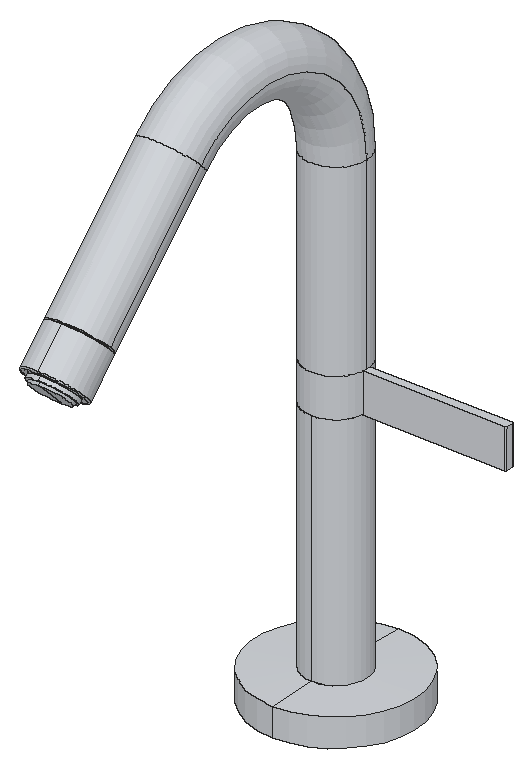
Revit family "Faucet-Lavatory-KOHLER-STILLNESS-K-979IN_1", category Plumbing Fixtures, host Face, Revit 2017
Family settings
  Host = Face
  Round Connector Dimension = Use Diameter
  Part Type = Normal
  OmniClass Number = 23.31.11.00
  OmniClass Title = Faucets
  Cut with Voids When Loaded = No
  Shared = No
  Room Calculation Point = No
Parameters (values of type "CP-Polished Chrome")
  Width = 2.32283"  # constant formula
  WaterSense Certified = 1 = 0  # no
  Waste Water Outlet = "Waste Water Outlet"  # constant formula
  Waste Connection = 1 = 0  # no
  Vent Connection = 1 = 0  # no
  URL = "https://www.kohler.co.in/"
  Type = 1
  Spout Reach = 5.19685"  # constant formula
  Product Page URL = ""
  Product Name = "K-979IN-4-CP"  # constant formula
  Product Documentation Link = ""
  Pressure = 0.00 psi
  Model = "STILLNESS"  # constant formula
  Material = "Brass Construction"  # constant formula
  Master Format 2014 Name = "Residential Faucets, Supplies, and Trim"  # constant formula
  Master Format 2014 = "22 41 39"  # constant formula
  Manufacturer Address = " Ambience Office Tower NH-8 Gurgaon / Gurugram Haryana , 122001"  # constant formula
  Manufacturer = "KOHLER Co."  # constant formula
  Length = Spout Reach  # 5.19685"
  Hot Water Inlet = "Hot Water Inlet"  # constant formula
  Height = 9.56693"  # constant formula
  Handle Clearance = 2.55906"  # constant formula
  HW Connection = 1 = 1  # yes
  Flow Rate = 0 GPM
  Finish = Kohler-Metal-CP-Polished_Chrome
  Environmental Product Declaration = ""
  Drain Included = 1 = 1  # yes
  Description = "Single Control Lavatory"  # constant formula
  Default Elevation = 36"
  Declare Label = ""
  Date Modified = "08/07/2020"  # constant formula
  Date Created = "08/07/2020"  # constant formula
  Copyright = "Copyright KOHLER Co."  # constant formula
  Contact Us = "https://www.kohler.co.in/contact-us"
  Cold Water Inlet = "Cold Water Inlet"  # constant formula
  CW Connection = 1 = 1  # yes
  Assembly Code = "D2010"
  ADA Compliant = 1 = 0  # no
Reference planes (in)
  plane 1 "Center (Front/Back)": y = 0
  plane 2: z = 0
  plane 3 "Center (Left/Right)": x = 0
  plane 4: y = 1.16142
  plane 5: y = 0.45276
  plane 6: y = -0.45276
  plane 7: y = -1.16142
  plane 8: y = -5.19685
  plane 9: x = 0.45276
  plane 10: x = -1.16142
  plane 11: x = -0.45276
  plane 12: x = 2.55906
  plane 13: x = 1.16142
  plane 14: z = 6.37795
  plane 15: z = 9.56693
  plane 16: z = 3.93701
  plane 17: z = 4.51181
  plane 18: x = -0.62755
  plane 19: x = 0.62755
  plane 20: z = 0.43038
Dimensions and locks (in)
  "Width": plane 10 to plane 13
  "Handle Clearance": plane 3 "Center (Left/Right)" to plane 12
  "Spout Reach": plane 8 to plane 1 "Center (Front/Back)"
  "Height": plane 15 to level
  plane 14 to level = 6.37795"
  plane 16 to level = 3.93701"
  aligned and locked: plane 2 to host face
  aligned and locked: level to host face
Automatic sketch dimensions
  host sketch curve to host sketch curve = 96"  (x2)
Nested families (in)
  nested 1: "K-979IN" at (0, 0, 0), type "K-979IN"
Connectors (in)
  piping at (-0.62755, 0, 0), diameter 0.5, driven by "HW Connection", driven by "Hot Water Inlet"
    settings: on nested 1, index 1, connector inside diameter 24", connector length 0", flow factor 0, pipe flow 0 GPM, pressure drop 0.00 psi, fitting loss kfactor 0, connector angle 0.00°, fixture units 0, engagement length 0", angle of deflection 0.00°, flow configuration 0, flow direction 1, fitting loss method 0, system type 19, joint type 0, gender type 0, connector reference index -1, connector utility 1, adjustable connector no, is connector primary yes, connector description "Hot Water Inlet"
  piping at (0.62755, 0, 0), diameter 0.5, driven by "CW Connection", driven by "Cold Water Inlet"
    settings: on nested 1, index 2, connector inside diameter 24", connector length 0", flow factor 0, pipe flow 0 GPM, pressure drop 0.00 psi, fitting loss kfactor 0, connector angle 0.00°, fixture units 0, engagement length 0", angle of deflection 0.00°, flow configuration 0, flow direction 1, fitting loss method 0, system type 20, joint type 0, gender type 0, connector reference index -1, connector utility 1, adjustable connector no, is connector primary no, connector description "Cold Water Inlet"
Definition of nested family "K-979IN"
  Parameters (values of type "K-979IN")
    Material = none
  Reference planes (in)
    plane 1 "Center (Front/Back)": y = 0
    plane 2: z = 0
    plane 3 "Center (Left/Right)": x = 0
    plane 4: y = 1.16142
    plane 5: y = -1.16142
    plane 6: z = 3.93701
    plane 7: z = 6.37795
    plane 8: y = -5.19685
    plane 9: z = 9.56693
    plane 10: x = 2.55906
    plane 11: x = -1.16142
    plane 12: x = 1.16142
    plane 13: y = 0.45276
    plane 14: y = -0.45276
    plane 15: through (0, -3.0394, 8.5354) normal (0, -0.7071, 0.7071)
    plane 16: through (0, -3.35955, 8.85555) normal (0, -0.7071, 0.7071)
    plane 17: through (0, -2.71926, 8.21525) normal (0, -0.7071, 0.7071)
    plane 18: x = -0.45276
    plane 19: x = 0.45276
    plane 20: x = -0.62755
    plane 21: x = 0.62755
  Forms (in)
    Revolve 1, solid, material <- "Material", detail levels medium+fine
      sketch origin (0, 0, 0) x (0, 1, 0) y (0, 0, 1)
        loop
          line (0, 0) -> (1.16142, 0) -> (1.16142, 0.41327)
          arc (1.16142, 0.41327) -> (0.80715, 0.42563) -> (0.45276, 0.43354) r 28.21799
          line (0.45276, 0.43354) -> (0.45276, 3.93701) -> (0.25591, 3.93701) -> (0.25591, 4.51181) -> (0, 4.51181) -> (0, 0)
        axis (0, 4.51181) -> (0, 0)
      angle from 0 to 360
    Extrusion 2, solid, material <- "Material", detail levels medium+fine
      sketch origin (0, 0, 0) x (1, 0, 0) y (0, 1, 0)
        loop
          arc (0.44748, 0.0689) -> (-0.45276, 0) -> (0.44748, -0.0689) r 0.45276
          line (0.44748, -0.0689) -> (2.53937, -0.0689)
          arc (2.53937, -0.0689) -> (2.55329, -0.06313) -> (2.55906, -0.04921) r 0.01969
          line (2.55906, -0.04921) -> (2.55906, 0.04921)
          arc (2.55906, 0.04921) -> (2.55329, 0.06313) -> (2.53937, 0.0689) r 0.01969
          line (2.53937, 0.0689) -> (0.44748, 0.0689)
        loop
          circle (0, 0) r 0.25591
      from 3.93701 to 4.51181
    Revolve 3, solid, material <- "Material", detail levels medium+fine
      sketch origin (0, 0, 0) x (0, 1, 0) y (0, 0, 1)
        loop
          line (-5.48563, 6.70163) -> (-5.42473, 6.64072) -> (-5.46969, 6.59576) -> (-5.44486, 6.57093) -> (-5.46063, 6.52762) -> (-5.25391, 6.3209) -> (-4.66387, 6.91093) -> (-4.95104, 7.19811) -> (-5.01636, 7.13279) -> (-5.04934, 7.16576) -> (-5.48563, 6.72946)
          arc (-5.48563, 6.72946) -> (-5.4914, 6.71555) -> (-5.48563, 6.70163) r 0.01969
        axis (-4.66387, 6.91093) -> (-5.25391, 6.3209)
      angle from 0 to 360
    Sweep 4, solid, material <- "Material", detail levels medium+fine
      path origin (0, 0, 0) x (0, 1, 0) y (0, 0, 1)
        loop
          line (-4.71527, 6.85953) -> (-3.04449, 8.53032)
          arc (-3.04449, 8.53032) -> (-1.10093, 8.91691) -> (0, 7.26925) r 1.78342
          line (0, 7.26925) -> (0, 4.51181)
      profile origin (0, 0, 5.89053) x (1, 0, 0) y (0, 1, 0)
        loop
          circle (0, 0) r 0.45276
    Extrusion 5, solid, material <- "Material", detail levels medium+fine
      sketch origin (0, 0, 0) x (1, 0, 0) y (0, 1, 0)
        loop
          circle (-0.62755, 0) r 0.25
        loop
          circle (0.62755, 0) r 0.25
      from 0 to 0.19922
    Revolve 6, solid, material <- "Material", detail levels coarse
      sketch origin (0, 0, 0) x (0, 1, 0) y (0, 0, 1)
        loop
          line (0, 0.43354) -> (0, 0) -> (1.16142, 0) -> (1.16142, 0.43354) -> (0, 0.43354)
        axis (0, 0.43354) -> (0, 0)
      angle from 0 to 360
    Sweep 7, solid, material <- "Material", detail levels coarse
      path origin (0, 0, 0) x (0, 1, 0) y (0, 0, 1)
        loop
          line (0, 0.25) -> (0, 7.34993)
          arc (0, 7.34993) -> (-1.0803, 8.96672) -> (-2.98744, 8.58737) r 1.75
          line (-2.98744, 8.58737) -> (-5.27413, 6.30067)
      profile origin (0, 0, 3.79996) x (0, -1, 0) y (1, 0, 0)
        loop
          circle (0, 0) r 0.5
    Extrusion 8, solid, material <- "Material", detail levels coarse
      sketch origin (0, 0, 0) x (1, 0, 0) y (0, 0, 1)
        loop
          line (2.55906, 4.51181) -> (0.45276, 4.51181) -> (0.45276, 3.93701) -> (2.55906, 3.93701) -> (2.55906, 4.51181)
      from -0.0689 to 0.0689
  Cuts and joins
    joined: Revolve 1, Sweep 4
    joined: Revolve 6, Sweep 7
  Lines and regions (in)
    Masking region 1
      outline origin (0, 0, 0) x (1, 0, 0) y (0, 1, 0)
        loop
          arc (0, 1.16142) -> (-1.13821, 0.23099) -> (-0.45276, -1.06953) r 1.16142
          line (-0.45276, -1.06953) -> (-0.45276, -5.19685)
          arc (-0.45276, -5.19685) -> (0, -5.49223) -> (0.45276, -5.19685) r 0.49468
          line (0.45276, -5.19685) -> (0.45276, -1.06953)
          arc (0.45276, -1.06953) -> (0.94871, -0.66995) -> (1.15937, -0.0689) r 1.16142
          line (1.15937, -0.0689) -> (2.53937, -0.0689)
          arc (2.53937, -0.0689) -> (2.55329, -0.06313) -> (2.55906, -0.04921) r 0.01969
          line (2.55906, -0.04921) -> (2.55906, 0.04921)
          arc (2.55906, 0.04921) -> (2.55329, 0.06313) -> (2.53937, 0.0689) r 0.01969
          line (2.53937, 0.0689) -> (1.15937, 0.0689)
          arc (1.15937, 0.0689) -> (0.79651, 0.84525) -> (0, 1.16142) r 1.16142
    Masking region 2
      outline origin (0, 0, 0) x (1, 0, 0) y (0, 0, 1)
        loop
          line (2.53783, 4.51181) -> (0.45276, 4.51181) -> (0.45276, 9.11476)
          arc (0.45276, 9.11476) -> (0, 9.56751) -> (-0.45276, 9.11476) r 0.45276
          line (-0.45276, 9.11476) -> (-0.45276, 0.43038)
          arc (-0.45276, 0.43038) -> (-0.80713, 0.4235) -> (-1.16142, 0.41275) r 32.4573
          line (-1.16142, 0.41275) -> (-1.16142, 0) -> (1.16142, 0) -> (1.16142, 0.41275)
          arc (1.16142, 0.41275) -> (0.80713, 0.4235) -> (0.45276, 0.43038) r 32.4573
          line (0.45276, 0.43038) -> (0.45276, 3.93701) -> (2.53768, 3.93701)
          arc (2.53768, 3.93701) -> (2.5528, 3.94327) -> (2.55906, 3.95838) r 0.02137
          line (2.55906, 3.95838) -> (2.55906, 4.49058)
          arc (2.55906, 4.49058) -> (2.55284, 4.50559) -> (2.53783, 4.51181) r 0.02123
    Masking region 3
      outline origin (0, 0, 0) x (0, 1, 0) y (0, 0, 1)
        loop
          line (-3.28921, 8.92589) -> (-5.03542, 7.17968) -> (-4.98256, 7.12683) -> (-5.01636, 7.13279) -> (-5.04934, 7.16576) -> (-5.48492, 6.73018)
          arc (-5.48492, 6.73018) -> (-5.49098, 6.71555) -> (-5.48492, 6.70091) r 0.0207
          line (-5.48492, 6.70091) -> (-5.42473, 6.64072) -> (-5.46969, 6.59576) -> (-5.44486, 6.57093) -> (-5.46063, 6.52762) -> (-5.04718, 6.11417) -> (-5.00387, 6.12994) -> (-4.97904, 6.10511) -> (-4.93408, 6.15007) -> (-4.87431, 6.09031)
          arc (-4.87431, 6.09031) -> (-4.85926, 6.08407) -> (-4.8442, 6.09031) r 0.02129
          line (-4.8442, 6.09031) -> (-4.40904, 6.52547) -> (-4.44201, 6.55844) -> (-4.44797, 6.59224) -> (-4.39512, 6.53939) -> (-2.64259, 8.29192)
          arc (-2.64259, 8.29192) -> (-1.24464, 8.56999) -> (-0.45276, 7.38486) r 1.28278
          line (-0.45276, 7.38486) -> (-0.45276, 0.43354)
          arc (-0.45276, 0.43354) -> (-0.80715, 0.42563) -> (-1.16142, 0.41327) r 28.23423
          line (-1.16142, 0.41327) -> (-1.16142, 0) -> (1.16142, 0) -> (1.16142, 0.41327)
          arc (1.16142, 0.41327) -> (0.80715, 0.42563) -> (0.45276, 0.43354) r 28.23423
          line (0.45276, 0.43354) -> (0.45276, 7.37592)
          arc (0.45276, 7.37592) -> (-0.9004, 9.40105) -> (-3.28921, 8.92589) r 2.19199
    symbolic lines, detail levels medium+fine
      curve 1: line (-0.4551, -1.06953, 0) -> (-0.4551, 0.02297, 0)
      curve 2: line (0.45276, -1.06953, 0) -> (0.45276, 0.02297, 0)
      curve 3: line (0.45276, -0.0689, 0) -> (1.15937, -0.0689, 0)
      curve 4: arc (-0.4551, 0.02297, 0) -> (-0.00176, 0.4763, 0) -> (0.45158, 0.02297, 0) r 0.45334
      curve 5: line (0.45276, 0, 3.93701) -> (-0.45276, 0, 3.93701)
      curve 6: line (0.45276, 0, 4.51181) -> (-0.45276, 0, 4.51181)
      curve 7: line (0.45276, 0, 4.51181) -> (0.45276, 0, 3.93701)
      curve 8: arc (-0.45276, 0, 0.43038) -> (-0.00002, 0, 0.43354) -> (0.45272, 0, 0.43038) r 32.45438
      curve 9: spline (0, 0, 6.10318) -> (-0.07567, 0, 6.11116) -> (-0.14617, 0, 6.13458) -> (-0.20672, 0, 6.17182) -> (-0.25318, 0, 6.22036) -> (-0.28239, 0, 6.27688) -> (-0.29235, 0, 6.33754) -> (-0.28239, 0, 6.3982) -> (-0.25318, 0, 6.45473) -> (-0.20672, 0, 6.50326) -> (-0.14617, 0, 6.54051) -> (-0.07567, 0, 6.56392) -> (0, 0, 6.57191)
      curve 10: spline (0, 0, 6.57191) -> (0.07971, 0, 6.56392) -> (0.15399, 0, 6.54051) -> (0.21778, 0, 6.50326) -> (0.26672, 0, 6.45473) -> (0.29749, 0, 6.3982) -> (0.30799, 0, 6.33754) -> (0.29749, 0, 6.27688) -> (0.26672, 0, 6.22036) -> (0.21778, 0, 6.17182) -> (0.15399, 0, 6.13458) -> (0.07971, 0, 6.11116) -> (0, 0, 6.10318)
      curve 11: spline (0, 0, 6.59576) -> (0.0898, 0, 6.5874) -> (0.17347, 0, 6.56289) -> (0.24532, 0, 6.52391) -> (0.30046, 0, 6.4731) -> (0.33512, 0, 6.41393) -> (0.34694, 0, 6.35043) -> (0.33512, 0, 6.28694) -> (0.30046, 0, 6.22777) -> (0.24532, 0, 6.17696) -> (0.17347, 0, 6.13798) -> (0.0898, 0, 6.11347) -> (0, 0, 6.10511)
      curve 12: spline (0, 0, 6.59576) -> (-0.0898, 0, 6.5874) -> (-0.17347, 0, 6.56289) -> (-0.24532, 0, 6.52391) -> (-0.30046, 0, 6.4731) -> (-0.33512, 0, 6.41393) -> (-0.34694, 0, 6.35043) -> (-0.33512, 0, 6.28694) -> (-0.30046, 0, 6.22777) -> (-0.24532, 0, 6.17696) -> (-0.17347, 0, 6.13798) -> (-0.0898, 0, 6.11347) -> (0, 0, 6.10511)
      curve 13: spline (0.45276, 0, 6.85953) -> (0.43733, 0, 6.94239) -> (0.3921, 0, 7.01961) -> (0.32015, 0, 7.08591) -> (0.22638, 0, 7.13679) -> (0.11718, 0, 7.16877) -> (0, 0, 7.17968) -> (-0.11718, 0, 7.16877) -> (-0.22638, 0, 7.13679) -> (-0.32015, 0, 7.08591) -> (-0.3921, 0, 7.01961) -> (-0.43733, 0, 6.94239) -> (-0.45276, 0, 6.85953)
      curve 14: spline (0.45134, 0, 6.37795) -> (0.43275, 0, 6.45876) -> (0.38591, 0, 6.53359) -> (0.31389, 0, 6.59755) -> (0.22137, 0, 6.64647) -> (0.1144, 0, 6.67717) -> (-0.00003, 0, 6.68762) -> (-0.11447, 0, 6.67717) -> (-0.22143, 0, 6.64647) -> (-0.31395, 0, 6.59755) -> (-0.38598, 0, 6.53359) -> (-0.43282, 0, 6.45876) -> (-0.45141, 0, 6.37795)
      curve 15: spline (0.45134, 0, 6.37795) -> (0.43275, 0, 6.29715) -> (0.38591, 0, 6.22232) -> (0.31389, 0, 6.15836) -> (0.22137, 0, 6.10943) -> (0.1144, 0, 6.07874) -> (-0.00003, 0, 6.06828) -> (-0.11447, 0, 6.07874) -> (-0.22143, 0, 6.10943) -> (-0.31395, 0, 6.15836) -> (-0.38598, 0, 6.22232) -> (-0.43282, 0, 6.29715) -> (-0.45141, 0, 6.37795)
      curve 16: line (0, 0.45276, 0.43354) -> (0, -0.45276, 0.43354)
      curve 17: line (0, -5.44486, 6.57093) -> (0, -5.00387, 6.12994)
      curve 18: line (0, -4.93408, 6.15007) -> (0, -5.42473, 6.64072)
      curve 19: line (0, -4.44797, 6.59224) -> (0, -4.98256, 7.12683)
      curve 20: line (0, -5.01636, 7.13279) -> (0, -4.44201, 6.55844)
      curve 21: line (0, 0.45276, 3.93701) -> (0, -0.45276, 3.93701)
      curve 22: line (0, 0.45276, 4.51181) -> (0, -0.45276, 4.51181)
      curve 23: line (1.15937, 0.0689, 0) -> (0.44925, 0.0689, 0)
      curve 24: line (0, 0.0689, 4.51181) -> (0, 0.0689, 3.93701)
      curve 25: line (0, -0.0689, 4.51181) -> (0, -0.0689, 3.93701)
  Dimensions and locks (in)
    plane 1 "Center (Front/Back)" to plane 8 = 5.19685"
    plane 7 to level = 6.37795"
    plane 4 to plane 5 = 2.32283"
    plane 6 to level = 3.93701"
    plane 9 to level = 9.56693"
    plane 10 to plane 3 "Center (Left/Right)" = 2.55906"
    aligned and locked: plane 2 to level
  Automatic sketch dimensions
    Revolve 1 sketch curve to level = 0"
    Revolve 1 sketch curve to plane 1 "Center (Front/Back)" = 0"  (x2)
    Revolve 1 sketch curve to plane 6 = 0"
    Revolve 1 sketch curve to plane 4 = 0"
    Revolve 1 sketch curve to plane 9 = 0"
    Revolve 1 sketch curve to plane 1 "Center (Front/Back)" = 0.00046"
    Revolve 1 sketch curve to plane 1 "Center (Front/Back)" = 0.45276"
    Revolve 1 sketch curve to level = 27.78083"
    Revolve 1 sketch curve to Revolve 1 sketch curve = 0.41327"
    plane 6 to Revolve 1 sketch curve = 0.5748"
    plane 9 to Revolve 1 sketch curve = 1.04724"
    Extrusion 2 sketch curve to Extrusion 2 sketch curve = 0"  (x2)
    plane 1 "Center (Front/Back)" to Extrusion 2 sketch curve = 0"
    Extrusion 2 sketch curve to plane 3 "Center (Left/Right)" = 0"
    Extrusion 2 sketch curve to plane 10 = 0"
    Extrusion 2 sketch curve to plane 1 "Center (Front/Back)" = 0.0689"
    plane 3 "Center (Left/Right)" to Extrusion 2 sketch curve = 0.44748"
    plane 1 "Center (Front/Back)" to Extrusion 2 sketch curve = 0.0689"
    Extrusion 2 sketch curve to plane 10 = 0.01969"  (x2)
    Sweep 4 sketch curve to plane 3 "Center (Left/Right)" = 0"
    profile plane to Sweep 4 sketch curve = 0"
    Revolve 1 sketch curve to plane 13 = 0.19685"
    Revolve 3 sketch curve to plane 16 = 0"  (x2)
    Revolve 3 sketch curve to plane 15 = 0"  (x3)
    plane 8 to Revolve 3 sketch curve = 0.28878"
    Revolve 3 sketch curve to Revolve 3 sketch curve = 0"
    Revolve 3 sketch curve to Revolve 3 sketch curve = 0.01392"
    Revolve 3 sketch curve to Revolve 3 sketch curve = 0.01594"
    Revolve 3 sketch curve to Revolve 3 sketch curve = 0.00906"
    Revolve 3 sketch curve to Revolve 3 sketch curve = 0.02483"
    Revolve 3 sketch curve to Revolve 3 sketch curve = 0.04496"
    Revolve 3 sketch curve to plane 7 = 0.05706"
    Revolve 3 sketch curve to plane 8 = 0.14752"
    Revolve 3 sketch curve to Revolve 3 sketch curve = 0.03297"
    Revolve 3 sketch curve to Revolve 3 sketch curve = 0.06532"
    Revolve 3 sketch curve to Revolve 3 sketch curve = 0.04331"
    plane 7 to Revolve 3 sketch curve = 1.05019"
    Revolve 3 sketch curve to plane 9 = 1.58831"
    plane 8 to Masking region 1 sketch curve = 0"
    Masking region 1 sketch curve to plane 3 "Center (Left/Right)" = 0"  (x2)
    Masking region 1 sketch curve to plane 10 = 0"
    plane 1 "Center (Front/Back)" to Masking region 1 sketch curve = 0"
    plane 1 "Center (Front/Back)" to Masking region 1 sketch curve = 0.0689"
    Masking region 1 sketch curve to plane 1 "Center (Front/Back)" = 0.0689"
    Masking region 1 sketch curve to Masking region 1 sketch curve = 0.01969"
    Masking region 1 sketch curve to plane 10 = 0.01969"
    Masking region 1 sketch curve to plane 8 = 0.1993"
    Masking region 1 sketch curve to Masking region 1 sketch curve = 0"  (x4)
    plane 12 to Masking region 1 sketch curve = 0.00205"
    plane 4 to Masking region 1 sketch curve = 0"
    plane 5 to Masking region 1 sketch curve = 0.09188"
    Masking region 2 sketch curve to Masking region 2 sketch curve = 0"  (x2)
    Masking region 2 sketch curve to plane 11 = 0"
    plane 18 to Masking region 2 sketch curve = 0"
    plane 3 "Center (Left/Right)" to Masking region 2 sketch curve = 0"
    Masking region 2 sketch curve to plane 3 "Center (Left/Right)" = 0"
    Masking region 2 sketch curve to plane 19 = 0"
    plane 12 to Masking region 2 sketch curve = 0"
    Masking region 2 sketch curve to plane 6 = 0"
    Masking region 2 sketch curve to plane 10 = 0"
    Masking region 2 sketch curve to level = 0"
    plane 6 to Masking region 2 sketch curve = 0.02137"
    Masking region 2 sketch curve to Masking region 2 sketch curve = 0.02123"
    Masking region 2 sketch curve to level = 32.02376"
    level to Masking region 2 sketch curve = 0.41275"  (x2)
    Masking region 2 sketch curve to Masking region 2 sketch curve = 0.53221"
    Masking region 2 sketch curve to plane 9 = 0.45217"
    curve 5 to plane 6 = 0"
    curve 14 to plane 7 = 0"  (x2)
    curve 12 to plane 3 "Center (Left/Right)" = 0"
    curve 9 to plane 3 "Center (Left/Right)" = 0"
    curve 13 to plane 3 "Center (Left/Right)" = 0"
    curve 8 to plane 3 "Center (Left/Right)" = 0.00002"
    plane 3 "Center (Left/Right)" to curve 7 = 0.45276"
    curve 8 to level = 32.02084"
    plane 6 to curve 6 = 0.5748"
    curve 15 to plane 3 "Center (Left/Right)" = 0.00003"
    curve 12 to plane 7 = 0.02752"
    curve 12 to curve 11 = 0.34694"
    curve 15 to curve 12 = 0.10447"
    curve 13 to curve 13 = 0.45276"
    curve 6 to plane 3 "Center (Left/Right)" = 0.45276"
    curve 8 to plane 3 "Center (Left/Right)" = 0.45276"
    curve 5 to plane 3 "Center (Left/Right)" = 0.45276"
    curve 9 to plane 7 = 0.04041"
    curve 9 to curve 15 = 0.159"
    curve 9 to curve 10 = 1/64"
    curve 10 to curve 11 = 0.03896"
    plane 7 to curve 15 = 0.01082"
    curve 14 to curve 15 = 0.00026"
    curve 14 to plane 7 = 0.01082"
    curve 15 to curve 14 = 0.00026"
    plane 3 "Center (Left/Right)" to curve 8 = 0.45272"
    level to curve 8 = 0.43038"
    curve 9 to curve 9 = 15/64"
    curve 9 to curve 11 = 0.00193"
    curve 15 to curve 13 = 0.47077"
    Masking region 3 sketch curve to Masking region 3 sketch curve = 0"  (x2)
    Masking region 3 sketch curve to plane 16 = 0"  (x4)
    Masking region 3 sketch curve to plane 17 = 0"  (x4)
    Masking region 3 sketch curve to level = 0"
    Masking region 3 sketch curve to plane 5 = 0"
    Masking region 3 sketch curve to plane 14 = 0"
    Masking region 3 sketch curve to plane 1 "Center (Front/Back)" = 0"
    Masking region 3 sketch curve to plane 13 = 0"
    Masking region 3 sketch curve to plane 4 = 0"
    Masking region 3 sketch curve to plane 5 = 0.57412"
    Masking region 3 sketch curve to Masking region 3 sketch curve = 0.0037"
    Masking region 3 sketch curve to plane 9 = 1.27501"
    Masking region 3 sketch curve to plane 9 = 0.64104"
    plane 7 to Masking region 3 sketch curve = 0.16143"
    plane 7 to Masking region 3 sketch curve = 0.14752"
    plane 7 to Masking region 3 sketch curve = 0.18049"
    plane 7 to Masking region 3 sketch curve = 0.21429"
    Masking region 3 sketch curve to plane 7 = 0.28765"  (x2)
    Masking region 3 sketch curve to Masking region 3 sketch curve = 0.01506"  (x2)
    Masking region 3 sketch curve to plane 7 = 0.22788"
    Masking region 3 sketch curve to Masking region 3 sketch curve = 0.05977"
    Masking region 3 sketch curve to Masking region 3 sketch curve = 0.04496"  (x2)
    Masking region 3 sketch curve to plane 8 = 0.21429"
    Masking region 3 sketch curve to Masking region 3 sketch curve = 0.0338"
    Masking region 3 sketch curve to Masking region 3 sketch curve = 0.01905"
    Masking region 3 sketch curve to Masking region 3 sketch curve = 0.06814"  (x2)
    Masking region 3 sketch curve to Masking region 3 sketch curve = 0.01392"
    plane 8 to Masking region 3 sketch curve = 0.22788"
    Masking region 3 sketch curve to Masking region 3 sketch curve = 0.0359"
    plane 7 to Masking region 3 sketch curve = 0.21781"
    Masking region 3 sketch curve to Masking region 3 sketch curve = 0.04555"
    Masking region 3 sketch curve to Masking region 3 sketch curve = 0.01464"  (x2)
    Masking region 3 sketch curve to level = 27.79706"
    Masking region 3 sketch curve to Masking region 3 sketch curve = 0.41327"
    level to Masking region 3 sketch curve = 0.41327"
    Masking region 3 sketch curve to Masking region 3 sketch curve = 0.00906"
    Masking region 3 sketch curve to Masking region 3 sketch curve = 0.02483"
    plane 7 to Masking region 3 sketch curve = 0.19298"
    Masking region 3 sketch curve to Masking region 3 sketch curve = 0.39768"
    curve 1 to plane 1 "Center (Front/Back)" = 0.02297"
    curve 4 to plane 3 "Center (Left/Right)" = 0.00176"
    curve 23 to curve 4 = 0.00233"
    plane 5 to curve 2 = 0.09188"
    plane 3 "Center (Left/Right)" to curve 2 = 0.45276"
    plane 12 to curve 3 = 0.00205"
    plane 12 to curve 23 = 0.00205"
    plane 1 "Center (Front/Back)" to curve 3 = 0.0689"
    plane 5 to curve 1 = 0.09188"
    curve 4 to curve 2 = 0"
    curve 4 to curve 23 = 0.04593"
    plane 1 "Center (Front/Back)" to Extrusion 5 sketch curve = 0"  (x2)
    plane 11 to Extrusion 5 sketch curve = 0.53387"
    plane 12 to Extrusion 5 sketch curve = 0.53387"
    Revolve 6 sketch curve to plane 1 "Center (Front/Back)" = 0"  (x2)
    Revolve 6 sketch curve to level = 0"
    Revolve 6 sketch curve to plane 4 = 0"
    Revolve 6 sketch curve to Revolve 6 sketch curve = 0.43354"
    Revolve 6 sketch curve to level = 0.40489"
    Revolve 6 sketch curve to Revolve 6 sketch curve = 3/4"
    Sweep 7 sketch curve to plane 15 = 0"  (x2)
    Sweep 7 sketch curve to plane 1 "Center (Front/Back)" = 0"
    Sweep 7 sketch curve to plane 5 = 0.58858"
    Sweep 7 sketch curve to plane 9 = 0.97956"
    Sweep 7 sketch curve to plane 7 = 0.07728"
    level to Sweep 7 sketch curve = 1/4"
    Sweep 7 sketch curve to plane 3 "Center (Left/Right)" = 0"
    Sweep 7 sketch curve to profile plane = 0"
    Extrusion 8 sketch curve to plane 6 = 0"
    plane 3 "Center (Left/Right)" to Extrusion 8 sketch curve = 0.45276"
    Extrusion 8 sketch curve to plane 10 = 0"
    Extrusion 8 sketch curve to Extrusion 8 sketch curve = 0.5748"
    Sweep 4 sketch curve to plane 15 = 0"  (x2)
    Sweep 4 sketch curve to plane 1 "Center (Front/Back)" = 0"
    Sweep 4 sketch curve to plane 9 = 1.03661"
    plane 7 to Sweep 4 sketch curve = 0.48158"
    plane 6 to Sweep 4 sketch curve = 0.5748"
    Sweep 4 sketch curve to plane 5 = 0.622"
    curve 21 to plane 6 = 0"
    curve 16 to plane 14 = 0"
    curve 16 to plane 13 = 0"
    plane 14 to curve 21 = 0"
    plane 14 to curve 22 = 0"
    plane 7 to curve 20 = 0.18049"
    curve 20 to plane 8 = 0.75484"
    plane 7 to curve 19 = 0.21429"
    curve 19 to curve 20 = 0.00596"  (x2)
    curve 18 to plane 8 = 0.26277"
    curve 19 to plane 8 = 0.21429"
    curve 17 to curve 18 = 0.06979"  (x2)
    curve 20 to curve 19 = 0.0338"
    plane 8 to curve 18 = 0.22788"
    curve 17 to curve 18 = 0.02014"  (x2)
    plane 1 "Center (Front/Back)" to curve 25 = 0.0689"
    curve 24 to plane 1 "Center (Front/Back)" = 0.0689"
    plane 13 to curve 21 = 0"
    plane 13 to curve 22 = 0"
    level to curve 16 = 0.43354"
    curve 25 to curve 25 = 0.5748"
    curve 17 to plane 7 = 0.24801"
    plane 7 to curve 17 = 0.19298"
    curve 18 to curve 19 = 0.48611"
    radius of Extrusion 2 sketch curve = 0.25591"
    radius of Sweep 4 sketch curve = 0.45276"
    radius of Extrusion 5 sketch curve = 1/4"  (x2)
    radius of Sweep 7 sketch curve = 1/2"
